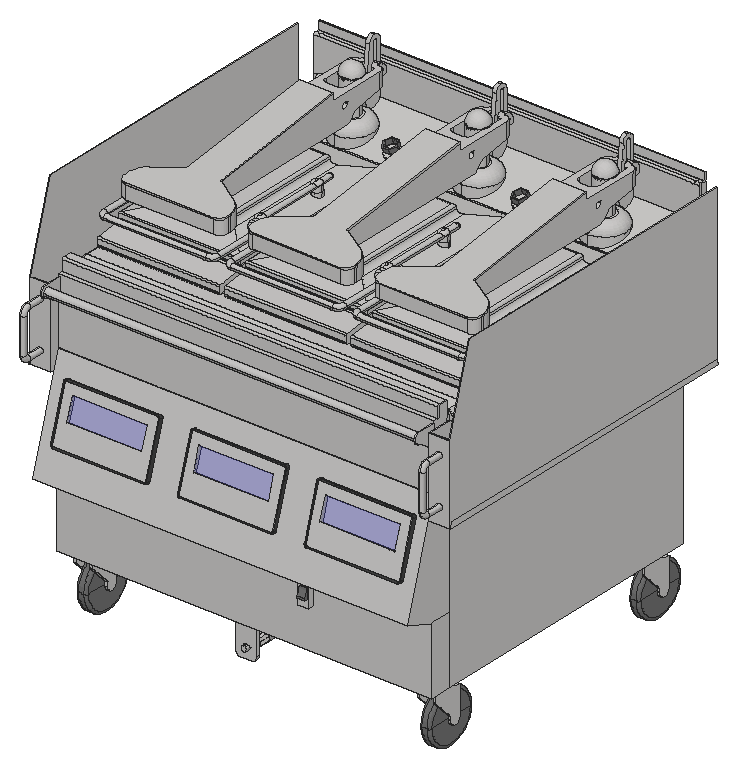
Revit family "QF_Garland_XPE36_cat", category Specialty Equipment, Revit 2014 (continued)
Automatic sketch dimensions
  plane 17 "Right Caster" to curve 52 = 0.04"
  curve 52 to curve 55 = 0.11915"
  plane 17 "Right Caster" to curve 53 = 0.04"
  plane 31 to curve 46 = 2.214"
  curve 46 to curve 53 = 0.75"
  curve 46 to curve 52 = 0.75"
  curve 54 to curve 50 = 0.25"
  curve 37 to plane 31 = 1.667"
  curve 37 to curve 39 = 0.25"
  curve 37 to curve 42 = 0.25"
  curve 38 to curve 44 = 0.5"
  plane 30 to curve 44 = 2.663"
  curve 34 to curve 42 = 0.75"
  curve 34 to curve 39 = 0.75"
  curve 40 to curve 36 = 0.25"
  plane 14 "Back Casters" to curve 59 = 1.27959"
  plane 14 "Back Casters" to curve 58 = 1.27959"
  curve 60 to plane 15 "Front Casters" = 1.27241"
  plane 29 to curve 61 = 0.54858"
  curve 28 to curve 62 = 0.16643"
  curve 58 to plane 33 = 1.56"
  plane 5 "CNTR LR" to curve 58 = 1.56"
  curve 59 to plane 5 "CNTR LR" = 1.56"
  plane 32 to curve 59 = 1.56"
  plane 8 "Inner Body Left" to curve 33 = 0.065"
  Extrusion 36 sketch curve to plane 34 = 0"
  Extrusion 36 sketch curve to plane 34 = 0.721"
  Extrusion 36 sketch curve to Extrusion 36 sketch curve = 0.03"
  Extrusion 36 sketch curve to Extrusion 36 sketch curve = 0"  (x4)
  Extrusion 36 sketch curve to Extrusion 36 sketch curve = 0.07"
  plane 24 to Extrusion 36 sketch curve = 2.38623"
  Extrusion 36 sketch curve to plane 22 "Back of Grease Drawer slope" = 0.03"
  Extrusion 36 sketch curve to plane 22 "Back of Grease Drawer slope" = 0.05293"
  plane 24 to Extrusion 36 sketch curve = 2.30173"
  Extrusion 36 sketch curve to plane 22 "Back of Grease Drawer slope" = 0"
  Extrusion 36 sketch curve to Extrusion 36 sketch curve = 0.1"
  Extrusion 36 sketch curve to plane 1 "BACK" = 0"
  Extrusion 37 sketch curve to Extrusion 37 sketch curve = 0.07"
  Extrusion 37 sketch curve to plane 22 "Back of Grease Drawer slope" = 0.17"
  Extrusion 37 sketch curve to Extrusion 37 sketch curve = 0"
  plane 24 to Extrusion 37 sketch curve = 2.38623"
  Extrusion 37 sketch curve to plane 18 = 0"
  Extrusion 37 sketch curve to plane 34 = 0.921"
  Extrusion 37 sketch curve to plane 22 "Back of Grease Drawer slope" = 0.03"
  Extrusion 37 sketch curve to plane 22 "Back of Grease Drawer slope" = 0.05293"
  Extrusion 37 sketch curve to Extrusion 37 sketch curve = 0.01836"
  Extrusion 37 sketch curve to plane 22 "Back of Grease Drawer slope" = 0"
  Extrusion 37 sketch curve to plane 1 "BACK" = 0"
  radius of Extrusion 1 sketch curve = 0.75"
  radius of Extrusion 2 sketch curve = 0.75"
  radius of Extrusion 3 sketch curve = 0.75"
  radius of Extrusion 4 sketch curve = 0.75"
  radius of Extrusion 19 sketch curve = 0.25"
  radius of Extrusion 26 sketch curve = 0.3419"
  radius of Sweep 32 sketch curve = 0.25"
  radius of Sweep 33 sketch curve = 0.5"
  radius of Extrusion 34 sketch curve to Sweep 33 = 0.25"
  radius of Extrusion 35 sketch curve = 0.3"
  radius of Extrusion 22 sketch curve = 0.75"  (x3)
  radius of Extrusion 23 sketch curve = 0.5"  (x2)
Nested families (in)
  nested 1: "FESCasterLeg-2014" at (3.6285, -4.71, 0), type "FESCasterLeg-2014"
    with Standard Caster Mount yes, Overall Height 6", Optional Caster Mount no, Mount Depth 1.25", Leg Material QF_Stainless-Polished, Leg no, Caster Radius 2.5", Caster Mount Diameter 1.5", Caster yes
  nested 2: "FESCasterLeg-2014" at (36.0345, -4.71, 0), type "FESCasterLeg-2014"
    with Standard Caster Mount yes, Overall Height 6", Optional Caster Mount no, Mount Depth 1.25", Leg Material QF_Stainless-Polished, Leg no, Caster Radius 2.5", Caster Mount Diameter 1.5", Caster yes
  nested 3: "FESCasterLeg-2014" at (3.6285, -29.362, 0), type "FESCasterLeg-2014"
    with Standard Caster Mount yes, Overall Height 6", Optional Caster Mount no, Mount Depth 1.25", Leg Material QF_Stainless-Polished, Leg no, Caster Radius 2.5", Caster Mount Diameter 1.5", Caster yes
  nested 4: "FESCasterLeg-2014" at (36.0345, -29.362, 0), type "FESCasterLeg-2014"
    with Standard Caster Mount yes, Overall Height 6", Optional Caster Mount no, Mount Depth 1.25", Leg Material QF_Stainless-Polished, Leg no, Caster Radius 2.5", Caster Mount Diameter 1.5", Caster yes
  nested 5: "QF_Garland_Grease-Drawer" at (37.663, -0.67, 21.314), visible <- "Grease Drawer", type "QF_Garland_Grease-Drawer"
  nested 6: "QF_Garland_Grease-Drawer" at (-31.13145, -0.67, 21.314) x (-1, 0, 0) z (0, 0, 1), visible <- "Grease Drawer", type "QF_Garland_Grease-Drawer"
  nested 7: "QF_Garland_Clamshell" at (7.8785, -0.97, 29.59766), visible <- "Left Platen", type "QF_Garland_Clamshell"
  nested 8: "QF_Garland_Grease-Drawer-Flared" at (37.663, -0.67, 21.314), visible <- "Grease Drawer Flared", type "QF_Garland_Grease-Drawer-Flared"
  nested 9: "QF_Garland_Grease-Drawer-Flared" at (-31.13145, -0.67, 21.314) x (-1, 0, 0) z (0, 0, 1), visible <- "Grease Drawer Flared", type "QF_Garland_Grease-Drawer-Flared"
  nested 10: "QF_Garland_Clamshell" at (31.7845, -0.97, 29.59766), visible <- "Right Platen", type "QF_Garland_Clamshell"
  nested 11: "QF_Garland_Clamshell" at (19.8315, -0.97, 29.59766), visible <- "Middle Platen", type "QF_Garland_Clamshell"
Connectors (in)
  electrical at (-8.60573, -9.197, 5.75), driven by "Number of Poles", driven by "Volts", driven by "Apparent Power"
    settings: on Extrusion 19, index 1, voltage 0 V, apparent load 0 VA, apparent load phase1 0 VA, apparent load phase2 0 VA, apparent load phase3 0 VA, power factor 1, load classification "Other", number of poles 1, system type 30, power factor state 1, is connector primary yes, connector utility no, sub classification motor no, connector description "Electrical"
  piping at (3.26577, -31.692, 4), diameter 0.75
    settings: on Sweep 32, index 2, connector inside diameter 24", connector length 0", flow factor 0, pipe flow 0 GPM, pressure drop 0.00 psi, fitting loss kfactor 0, connector angle 0.00°, fixture units 0, engagement length 0", angle of deflection 0.00°, flow configuration 1, flow direction 2, fitting loss method 0, system type 22, joint type 0, gender type 0, connector reference index -1, connector utility 0, adjustable connector no, is connector primary yes, connector description "Gas"
Definition of nested family "FESCasterLeg-2014"
  Parameters (values of type "FESCasterLeg-2014")
    Watermarked By = ""
    Standard Caster Mount [instance] = and(Overall Height > 3.98438", Caster)  # yes
    Overall Height [instance] = 6"
    Optional Caster Mount [instance] = and(Overall Height < 3.98438", Caster)  # no
    Mount Depth [instance] = if(Overall Height < 3.98438", 0", 1.25")  # 1.25"
    Leg Material [instance] = QF_Stainless-Polished
    Leg [instance] = no
    Caster Radius [instance] = (Overall Height / 2) - 0.5"  # 2.5"
    Caster Mount Diameter [instance] = 1.5"
    Caster [instance] = yes
  Reference planes (in)
    plane 1 "Center FB": y = 0
    plane 2: z = 0
    plane 3 "Center LR": x = -16.56573
    plane 4 "TOP": z = 6
    plane 5 "Caster Center": z = 2.5
    plane 6 "Caster": y = 1.25
    plane 7 "LEFT": x = -17.44073
    plane 8 "RIGHT": x = -15.69073
    plane 9: z = 5.5
    plane 10: z = 5.25
    plane 11 "45LR": through (-21.90442, -5.33869, 48) normal (-0.7071, 0.7071, 0)
    plane 12 "45RL": through (-10.33166, -6.23407, 48) normal (-0.7071, -0.7071, 0)
  Forms (in)
    Extrusion 1, solid, material "QF_Stainless-Polished", visible <- "Standard Caster Mount"
      sketch origin (-17.44073, 0, 0) x (0, 1, 0) y (0, 0, 1)
        loop
          line (1.75, 2.5) -> (1.75, 5.25) -> (1.25, 5.25) -> (1, 5.5) -> (-1, 5.5) -> (-1, 4.75) -> (0.75, 2.875) -> (0.75, 2.5)
          arc (0.75, 2.5) -> (1.25, 2) -> (1.75, 2.5) r 0.5
      from 0 to 1.75
    Extrusion 2, void
      sketch origin (0, 1.25, 0) x (1, 0, 0) y (0, 0, 1)
        loop
          line (-15.94073, 5.125) -> (-17.19073, 5.125) -> (-17.19073, 1.875) -> (-15.94073, 1.875) -> (-15.94073, 5.125)
      from -0.5 to 2.25
    Revolve 3, solid, material "QF_Rubber-Black", visible <- "Caster"
      sketch origin (0, 0, 2.5) x (0, 1, 0) y (-1, 0, 0)
        loop
          arc (3.75, 16.81573) -> (3.67678, 16.9925) -> (3.5, 17.06573) r 0.25
          line (3.5, 17.06573) -> (1.25, 17.06573) -> (1.25, 16.06573) -> (3.5, 16.06573)
          arc (3.5, 16.06573) -> (3.67678, 16.13895) -> (3.75, 16.31573) r 0.25
          line (3.75, 16.31573) -> (3.75, 16.81573)
        axis (1.25, 16.06573) -> (1.25, 17.06573)
      angle from 0 to 360
    Extrusion 4, solid, material "QF_Stainless-Polished", visible <- "Optional Caster Mount"
      sketch origin (-17.44073, 0, 0) x (0, 1, 0) y (0, 0, 1)
        loop
          line (1.75, 2.5) -> (1.75, 6) -> (0.75, 6) -> (0.75, 2.5)
          arc (0.75, 2.5) -> (1.25, 2) -> (1.75, 2.5) r 0.5
      from 0 to 0.25
    Extrusion 5, solid, material "QF_Stainless-Polished", visible <- "Optional Caster Mount"
      sketch origin (-15.69073, 0, 0) x (0, 1, 0) y (0, 0, 1)
        loop
          line (1.75, 2.5) -> (1.75, 6) -> (0.75, 6) -> (0.75, 2.5)
          arc (0.75, 2.5) -> (1.25, 2) -> (1.75, 2.5) r 0.5
      from 0 to -0.25
    Extrusion 6, solid, material "QF_Stainless-Polished", visible <- "Optional Caster Mount"
      sketch origin (-16.56573, 0, 0) x (0, 1, 0) y (0, 0, 1)
        loop
          line (1.75, 6) -> (0.75, 6) -> (0.75, 5.125) -> (1.75, 5.125) -> (1.75, 6)
      from -0.625 to 0.625
    Extrusion 7, solid, material "QF_Stainless-Polished", visible <- "Standard Caster Mount"
      sketch origin (0, 0, 6) x (0, 1, 0) y (-1, 0, 0)
        loop
          circle (0, 16.56573) r 0.75
      from 0 to -0.5
    Blend 8, solid, material "QF_Stainless-Polished" <- "Leg Material", visible <- "Leg"
      base sketch origin (0, 0, 0) x (1, 0, 0) y (0, 1, 0)
        loop
          circle (-16.56573, 0) r 0.5
      top sketch origin (0, 0, 0) x (1, 0, 0) y (0, 1, 0)
        loop
          circle (-16.56573, 0) r 1
      from 0 to 6
  Cuts and joins
    Extrusion 2 cuts Extrusion 1
  Lines and regions (in)
    symbolic lines, style "QF_Details_Undercounter", visible <- "Caster"
      curve 1: line (-17.06573, -1.25, 0) -> (-17.06573, 3.75, 0)
      curve 2: line (-16.06573, -1.25, 0) -> (-16.06573, 3.75, 0)
  Dimensions and locks (in)
    "Overall Height": plane 4 "TOP" to level
    "Caster Radius": plane 5 "Caster Center" to level
    "Mount Depth": plane 1 "Center FB" to plane 6 "Caster"
    locked: plane 7 "LEFT" to plane 8 "RIGHT" at 1.75
    equal spacing: plane 7 "LEFT", plane 3 "Center LR", plane 8 "RIGHT"
    locked: plane 9 to plane 10 at 0.25
    locked: plane 4 "TOP" to plane 9 at 0.5
    locked: Extrusion 1 sketch curve to plane 6 "Caster" at 0.5
    locked: plane 6 "Caster" to Extrusion 1 sketch curve at 0.5
    locked: plane 6 "Caster" to Extrusion 1 sketch curve at 0.25
    locked: plane 9 to Extrusion 1 sketch curve at 0.75
    locked: Extrusion 1 sketch curve to plane 5 "Caster Center" at 0.375
    locked: plane 6 "Caster" to Extrusion 1 sketch curve at 2.25
    locked: plane 5 "Caster Center" to Extrusion 2 sketch curve at 0.625
    Extrusion 2 sketch curve to plane 3 "Center LR" to Extrusion 2 sketch curve = 0.625" locked, 0.625" locked
    locked: plane 9 to Extrusion 2 sketch curve at 0.375
    "Caster Radius": plane 6 "Caster" to Revolve 3 sketch curve
    Revolve 3 sketch curve to plane 3 "Center LR" to Revolve 3 sketch curve = 0.5" locked, 0.5" locked
    Extrusion 4 sketch curve to plane 6 "Caster" to Extrusion 4 sketch curve = 0.5" locked, 0.5" locked
    locked: Extrusion 4 sketch curve to plane 5 "Caster Center" at 0
    Extrusion 5 sketch curve to plane 6 "Caster" to Extrusion 5 sketch curve = 0.5" locked, 0.5" locked
    Extrusion 6 sketch curve to plane 6 "Caster" to Extrusion 6 sketch curve = 0.5" locked, 0.5" locked
    locked: plane 4 "TOP" to Extrusion 6 sketch curve at 0.875
    "Caster Radius": plane 6 "Caster" to curve 1
    "Caster Radius": plane 6 "Caster" to curve 2
    "Caster Radius": curve 2 to plane 6 "Caster"
    "Caster Radius": curve 1 to plane 6 "Caster"
    "Caster Mount Diameter": diameter of Extrusion 7 sketch curve
    aligned and locked: level to plane 2
    aligned and locked: Extrusion 1 sketch curve to plane 10
    aligned and locked: Extrusion 1 sketch curve to plane 9
    aligned and locked: plane 5 "Caster Center" to Extrusion 1 sketch curve  (x2)
    aligned and locked: plane 8 "RIGHT" to Extrusion 1
    aligned and locked: Extrusion 1 to Extrusion 2  (x2)
    aligned and locked: Revolve 3 sketch curve to plane 6 "Caster"
    aligned and locked: plane 6 "Caster" to Revolve 3 sketch curve
    aligned and locked: plane 4 "TOP" to Extrusion 4 sketch curve
    aligned and locked: plane 4 "TOP" to Extrusion 5 sketch curve
    aligned and locked: Extrusion 6 sketch curve to plane 4 "TOP"
    aligned and locked: Extrusion 7 to plane 9
    aligned and locked: plane 4 "TOP" to Blend 8
  Automatic sketch dimensions
    Extrusion 5 sketch curve to plane 5 "Caster Center" = 0"
    plane 1 "Center FB" to Blend 8 sketch curve = 0"  (x2)
    Blend 8 sketch curve to plane 3 "Center LR" = 0"  (x2)
    Extrusion 1 sketch curve to plane 6 "Caster" = 0"
    plane 7 "LEFT" to curve 1 = 0.375"
    curve 2 to plane 8 "RIGHT" = 0.375"
    Revolve 3 sketch curve to Revolve 3 sketch curve = 0.25"  (x2)
    plane 8 "RIGHT" to Revolve 3 sketch curve = 75.69073"
    Revolve 3 sketch curve to plane 7 "LEFT" = 42.55927"
    plane 1 "Center FB" to Extrusion 7 sketch curve = 0"
    Extrusion 7 sketch curve to plane 3 "Center LR" = 0"
    radius of Blend 8 sketch curve = 0.5"
    radius of Blend 8 sketch curve = 1"
Definition of nested family "QF_Garland_Grease-Drawer"
  Parameters (values of type "QF_Garland_Grease-Drawer")
    Width = 2"
    Watermarked By = ""
    Height = 15"
    Description = ""
    Depth = 31.512"
  Reference planes (in)
    plane 1 "BACK": y = 0
    plane 2: z = 0
    plane 3 "LEFT": x = -16.56573
    plane 4: z = 15
    plane 5 "RIGHT": x = -14.56573
    plane 6 "FRONT": y = -31.512
    plane 7: z = 7.375
    plane 8 "CNTR LR": x = -15.56573
  Forms (in)
    Extrusion 1, solid, material "QF_Stainless-Polished-Brushed"
      sketch origin (-14.56573, 0, 0) x (0, 1, 0) y (0, 0, 1)
        loop
          line (0, 7.375) -> (0, 15) -> (-29.1808, 15) -> (-31.512, 7.375) -> (0, 7.375)
      from 0 to -0.13
    Extrusion 2, solid, material "QF_Stainless-Polished-Brushed"
      sketch origin (-14.56573, 0, 0) x (0, 1, 0) y (0, 0, 1)
        loop
          line (-31.512, 0) -> (0, 0) -> (-0.15287, 0.5) -> (-31.35913, 0.5) -> (-31.512, 0)
      from 0 to 0.06
    Extrusion 3, solid, material "QF_Stainless-Polished-Brushed"
      sketch origin (0, 0, 0) x (1, 0, 0) y (0, 1, 0)
        loop
          line (-16.56573, 0) -> (-16.56573, -31.512) -> (-14.56573, -31.512) -> (-14.56573, 0) -> (-16.56573, 0)
        loop
          line (-16.43573, -0.13) -> (-16.43573, -31.382) -> (-14.69573, -31.382) -> (-14.69573, -0.13) -> (-16.43573, -0.13)
      from 0 to 7.375
    Extrusion 4, solid, material "QF_Stainless-Polished-Brushed"
      sketch origin (0, 0, 0) x (1, 0, 0) y (0, 1, 0)
        loop
          line (-16.43573, -0.13) -> (-16.43573, -31.382) -> (-14.69573, -31.382) -> (-14.69573, -0.13) -> (-16.43573, -0.13)
      from 0 to 0.13
    Sweep 5, solid, material "QF_Stainless-Polished-Brushed"
      path origin (-15.56573, 0, 0) x (0, 1, 0) y (0, 0, 1)
        loop
          line (-31.512, 1.5) -> (-33.012, 1.5)
          arc (-33.012, 1.5) -> (-33.36555, 1.64645) -> (-33.512, 2) r 0.5
          line (-33.512, 2) -> (-33.512, 5.375)
          arc (-33.512, 5.375) -> (-33.36555, 5.72855) -> (-33.012, 5.875) r 0.5
          line (-33.012, 5.875) -> (-31.512, 5.875)
      profile origin (-15.56573, -32.262, 1.5) x (0, 0, -1) y (1, 0, 0)
        loop
          circle (0, 0) r 0.25
  Cuts and joins
    joined: Extrusion 1, Extrusion 3, Extrusion 4
  Lines and regions (in)
    symbolic lines
      curve 1: line (-16.56573, 0, 0) -> (-14.56573, 0, 0)
      curve 2: line (-16.56573, -31.512, 0) -> (-16.56573, 0, 0)
      curve 3: line (-14.56573, -31.512, 0) -> (-16.56573, -31.512, 0)
      curve 4: line (-14.56573, 0, 0) -> (-14.56573, -31.512, 0)
    symbolic lines, style "QF_Details_Surface"
      curve 5: line (-14.69573, 0, 0) -> (-14.69573, -31.512, 0)
      curve 6: line (-15.31573, -31.512, 0) -> (-15.31573, -33.512, 0)
      curve 7: line (-15.81573, -31.512, 0) -> (-15.81573, -33.512, 0)
      curve 8: arc (-15.81573, -33.512, 0) -> (-15.56573, -33.762, 0) -> (-15.31573, -33.512, 0) r 0.25
  Dimensions and locks (in)
    "Height": plane 4 to plane 2
    "Width": plane 3 "LEFT" to plane 5 "RIGHT"
    "Depth": plane 6 "FRONT" to plane 1 "BACK"
    locked: plane 7 to plane 2 at 7.375
    equal spacing: plane 3 "LEFT", plane 8 "CNTR LR", plane 5 "RIGHT"
    aligned and locked: level to plane 2
    aligned and locked: Extrusion 1 sketch curve to plane 1 "BACK"
    aligned and locked: plane 4 to Extrusion 1 sketch curve
    aligned and locked: plane 1 "BACK" to Extrusion 3 sketch curve
    aligned and locked: plane 3 "LEFT" to Extrusion 3 sketch curve
    aligned and locked: Extrusion 3 sketch curve to Extrusion 1  (x2)
    aligned and locked: plane 7 to Extrusion 3
    aligned and locked: Extrusion 4 sketch curve to Extrusion 3  (x4)
    aligned and locked: curve 1 to cut or joined group of Extrusion 1, Extrusion 3, Extrusion 4
    aligned and locked: curve 3 to cut or joined group of Extrusion 1, Extrusion 3, Extrusion 4
    aligned and locked: curve 4 to Extrusion 2
    aligned and locked: curve 5 to cut or joined group of Extrusion 1, Extrusion 3, Extrusion 4
  Automatic sketch dimensions
    Extrusion 1 sketch curve to plane 6 "FRONT" = 0"
    Extrusion 1 sketch curve to plane 7 = 0"
    Extrusion 1 sketch curve to plane 6 "FRONT" = 2.3312"
    Extrusion 2 sketch curve to level = 0"
    Extrusion 2 sketch curve to plane 6 "FRONT" = 0"
    plane 1 "BACK" to Extrusion 2 sketch curve = 0.15287"
    Extrusion 2 sketch curve to plane 1 "BACK" = 0"
    Extrusion 2 sketch curve to plane 6 "FRONT" = 0.15287"
    level to Extrusion 2 sketch curve = 0.5"
    plane 3 "LEFT" to Extrusion 3 sketch curve = 0.13"
    Extrusion 3 sketch curve to plane 5 "RIGHT" = 0.13"
    Extrusion 3 sketch curve to plane 6 "FRONT" = 0.13"
    Extrusion 3 sketch curve to Extrusion 3 sketch curve = 0.13"
    Sweep 5 sketch curve to plane 8 "CNTR LR" = 0"
    Sweep 5 sketch curve to profile plane = 0"
    Sweep 5 sketch curve to plane 6 "FRONT" = 0"  (x2)
    plane 6 "FRONT" to Sweep 5 sketch curve = 1.5"
    Sweep 5 sketch curve to Sweep 5 sketch curve = 0.5"  (x2)
    level to Sweep 5 sketch curve = 1.5"
    Sweep 5 sketch curve to plane 7 = 2"
    curve 8 to plane 8 "CNTR LR" = 0"
    curve 7 to plane 8 "CNTR LR" = 0.25"
    plane 6 "FRONT" to curve 7 = 2"
    curve 3 to plane 3 "LEFT" = 0"
    radius of Sweep 5 sketch curve = 0.25"
Definition of nested family "QF_Garland_Clamshell"
  Parameters (values of type "QF_Garland_Clamshell")
    Width = 11.5"
    Watermarked By = ""
    Description = ""
    Depth = 25.828"
  Reference planes (in)
    plane 1 "BACK": y = 0
    plane 2: z = 0
    plane 3 "CNTR LR": x = -16.56573
    plane 4 "RIGHT": x = -10.81573
    plane 5 "LEFT": x = -22.31573
    plane 6 "FRONT": y = -25.828
    plane 7 "Support left": x = -16.75073
    plane 8: x = -16.38073
    plane 9 "Back of Press": y = -5.828
    plane 10 "Inner Left": x = -20.81573
    plane 11 "Inner Right": x = -12.31573
    plane 12 "Middle Press": z = 1.38
    plane 13 "Top Tube": z = 2.4425
    plane 14 "2": y = -12.49467
    plane 15 "1": y = -19.16133
    plane 16 "Center Tube": z = 2.9425
    plane 17: y = -7.3607
    plane 18 "1c": z = 3.34221
    plane 19 "1b": z = 3.98221
    plane 20 "Inner Left Support": x = -18.12573
    plane 21 "Inner Right Support": x = -15.00573
    plane 22 "1a": x = -21.46573
    plane 23 "2a": x = -11.66573
    plane 24: z = 23.2341
  Forms (in)
    Extrusion 1, solid, material "QF_Stainless-Polished-Brushed"
      sketch origin (-22.31573, 0, 0) x (0, 1, 0) y (0, 0, 1)
        loop
          arc (-25.828, 0.13) -> (-25.78992, 0.03808) -> (-25.698, 0) r 0.13
          line (-25.698, 0) -> (-5.958, 0)
          arc (-5.958, 0) -> (-5.86608, 0.03808) -> (-5.828, 0.13) r 0.13
          line (-5.828, 0.13) -> (-5.828, 1.3) -> (-23.328, 1.3) -> (-23.328, 1.20972)
          arc (-23.328, 1.20972) -> (-23.36085, 1.12333) -> (-23.44281, 1.08061) r 0.13
          line (-23.44281, 1.08061) -> (-25.71319, 0.81351)
          arc (-25.71319, 0.81351) -> (-25.79515, 0.77078) -> (-25.828, 0.6844) r 0.13
          line (-25.828, 0.6844) -> (-25.828, 0.13)
      from 0 to 11.5
    Extrusion 2, solid, material "QF_Stainless-Polished-Brushed"
      sketch origin (-22.31573, 0, 0) x (0, 1, 0) y (0, 0, 1)
        loop
          line (-5.828, 1.3) -> (-5.828, 1.38) -> (-23.328, 1.38) -> (-23.328, 1.3) -> (-5.828, 1.3)
      from 0 to 11.5
    Extrusion 3, solid, material "QF_Stainless-Polished-Brushed"
      sketch origin (0, -5.828, 0) x (1, 0, 0) y (0, 0, 1)
        loop
          line (-10.81573, 1.38) -> (-10.81573, 1.7468)
          arc (-10.81573, 1.7468) -> (-10.84428, 1.82809) -> (-10.91739, 1.87367) r 0.13
          line (-10.91739, 1.87367) -> (-13.55471, 2.46267)
          arc (-13.55471, 2.46267) -> (-13.83591, 2.63799) -> (-13.94573, 2.95065) r 0.5
          line (-13.94573, 2.95065) -> (-13.94573, 3.1)
          arc (-13.94573, 3.1) -> (-14.01895, 3.27678) -> (-14.19573, 3.35) r 0.25
          line (-14.19573, 3.35) -> (-18.93573, 3.35)
          arc (-18.93573, 3.35) -> (-19.1125, 3.27678) -> (-19.18573, 3.1) r 0.25
          line (-19.18573, 3.1) -> (-19.18573, 2.95065)
          arc (-19.18573, 2.95065) -> (-19.29554, 2.63799) -> (-19.57674, 2.46267) r 0.5
          line (-19.57674, 2.46267) -> (-22.21406, 1.87367)
          arc (-22.21406, 1.87367) -> (-22.28717, 1.82809) -> (-22.31573, 1.7468) r 0.13
          line (-22.31573, 1.7468) -> (-22.31573, 1.38) -> (-10.81573, 1.38)
      from 0 to 17.5
    Extrusion 4, void
      sketch origin (-22.31573, 0, 0) x (0, 1, 0) y (0, 0, 1)
        loop
          line (-5.828, 1.7468) -> (-5.828, 3.35) -> (-9.208, 3.35)
          arc (-9.208, 3.35) -> (-9.03122, 3.27678) -> (-8.958, 3.1) r 0.25
          line (-8.958, 3.1) -> (-8.958, 2.95065)
          arc (-8.958, 2.95065) -> (-8.84819, 2.63799) -> (-8.56698, 2.46267) r 0.5
          line (-8.56698, 2.46267) -> (-5.92966, 1.87367)
          arc (-5.92966, 1.87367) -> (-5.85655, 1.82809) -> (-5.828, 1.7468) r 0.13
        loop
          arc (-23.328, 1.7468) -> (-23.29945, 1.82809) -> (-23.22634, 1.87367) r 0.13
          line (-23.22634, 1.87367) -> (-20.58902, 2.46267)
          arc (-20.58902, 2.46267) -> (-20.30781, 2.63799) -> (-20.198, 2.95065) r 0.5
          line (-20.198, 2.95065) -> (-20.198, 3.1)
          arc (-20.198, 3.1) -> (-20.12478, 3.27678) -> (-19.948, 3.35) r 0.25
          line (-19.948, 3.35) -> (-23.328, 3.35) -> (-23.328, 1.7468)
      from 0 to 11.5
    Extrusion 5, solid, material "QF_Stainless-Polished-Brushed"
      sketch origin (0, 0, 1.38) x (-1, 0, 0) y (0, -1, 0)
        loop
          circle (20.81573, 12.49467) r 0.5
        loop
          circle (20.81573, 19.16133) r 0.5
        loop
          circle (12.31573, 12.49467) r 0.5
        loop
          circle (12.31573, 19.16133) r 0.5
        loop
          circle (20.81573, 12.49467) r 0.44
        loop
          circle (20.81573, 19.16133) r 0.44
        loop
          circle (12.31573, 19.16133) r 0.44
        loop
          circle (12.31573, 12.49467) r 0.44
      from 0 to 1.0625
    Extrusion 6, solid, material "QF_Stainless-Polished-Brushed"
      sketch origin (0, 0, 1.38) x (-1, 0, 0) y (0, -1, 0)
        loop
          circle (20.81573, 12.49467) r 0.44
        loop
          circle (20.81573, 19.16133) r 0.44
        loop
          circle (12.31573, 12.49467) r 0.44
        loop
          circle (12.31573, 19.16133) r 0.44
        loop
          circle (20.81573, 19.16133) r 0.38
        loop
          circle (20.81573, 12.49467) r 0.38
        loop
          circle (12.31573, 12.49467) r 0.38
        loop
          circle (12.31573, 19.16133) r 0.38
      from 0 to 1.656
    Revolve 7, solid, material "QF_Stainless-Polished-Brushed"
      sketch origin (-20.81573, 0, 0) x (0, 1, 0) y (0, 0, 1)
        loop
          line (-12.49467, 3.036) -> (-12.05467, 3.036)
          arc (-12.05467, 3.036) -> (-12.12789, 3.21278) -> (-12.30467, 3.286) r 0.25
          line (-12.30467, 3.286) -> (-12.49467, 3.286) -> (-12.49467, 3.036)
        axis (-12.49467, 3.036) -> (-12.49467, 3.286)
      angle from 0 to 360
    Revolve 8, solid, material "QF_Stainless-Polished-Brushed"
      sketch origin (-20.81573, 0, 0) x (0, 1, 0) y (0, 0, 1)
        loop
          line (-19.16133, 3.036) -> (-18.72133, 3.036)
          arc (-18.72133, 3.036) -> (-18.79456, 3.21278) -> (-18.97133, 3.286) r 0.25
          line (-18.97133, 3.286) -> (-19.16133, 3.286) -> (-19.16133, 3.036)
        axis (-19.16133, 3.036) -> (-19.16133, 3.286)
      angle from 0 to 360
    Revolve 9, solid, material "QF_Stainless-Polished-Brushed"
      sketch origin (-12.31573, 0, 0) x (0, 1, 0) y (0, 0, 1)
        loop
          line (-12.49467, 3.036) -> (-12.49467, 3.286) -> (-12.68467, 3.286)
          arc (-12.68467, 3.286) -> (-12.86144, 3.21278) -> (-12.93467, 3.036) r 0.25
          line (-12.93467, 3.036) -> (-12.49467, 3.036)
        axis (-12.49467, 3.036) -> (-12.49467, 3.286)
      angle from 0 to 360
    Revolve 10, solid, material "QF_Stainless-Polished-Brushed"
      sketch origin (-12.31573, 0, 0) x (0, 1, 0) y (0, 0, 1)
        loop
          line (-19.16133, 3.036) -> (-19.16133, 3.286) -> (-19.35133, 3.286)
          arc (-19.35133, 3.286) -> (-19.52811, 3.21278) -> (-19.60133, 3.036) r 0.25
          line (-19.60133, 3.036) -> (-19.16133, 3.036)
        axis (-19.16133, 3.036) -> (-19.16133, 3.286)
      angle from 0 to 360
    Sweep 11, solid, material "QF_Stainless-Polished"
      path origin (0, 0, 2.9425) x (-1, 0, 0) y (0, -1, 0)
        loop
          line (20.81573, 10.99467) -> (20.81573, 20.03756)
          arc (20.81573, 20.03756) -> (20.85379, 20.2289) -> (20.96217, 20.39111) r 0.5
          line (20.96217, 20.39111) -> (21.72994, 21.15888)
          arc (21.72994, 21.15888) -> (21.83833, 21.32109) -> (21.87639, 21.51243) r 0.5
          line (21.87639, 21.51243) -> (21.87639, 25.55533)
          arc (21.87639, 25.55533) -> (21.72994, 25.90888) -> (21.37639, 26.05533) r 0.5
          line (21.37639, 26.05533) -> (11.75507, 26.05533)
          arc (11.75507, 26.05533) -> (11.40151, 25.90888) -> (11.25507, 25.55533) r 0.5
          line (11.25507, 25.55533) -> (11.25507, 21.51243)
          arc (11.25507, 21.51243) -> (11.29313, 21.32109) -> (11.40151, 21.15888) r 0.5
          line (11.40151, 21.15888) -> (12.16928, 20.39111)
          arc (12.16928, 20.39111) -> (12.27767, 20.2289) -> (12.31573, 20.03756) r 0.5
          line (12.31573, 20.03756) -> (12.31573, 10.99467)
      profile origin (-20.81573, -15.51611, 2.9425) x (1, 0, 0) y (0, 0, 1)
        loop
          circle (0, 0) r 0.25
    Revolve 12, solid, material "QF_Stainless-Polished"
      sketch origin (-12.31573, -10.99467, 2.9425) x (0, 0, 1) y (1, 0, 0)
        loop
          arc (0.25, 0) -> (0, 0.25) -> (-0.25, 0) r 0.25
          line (-0.25, 0) -> (0.25, 0)
        axis (0.25, 0) -> (-0.25, 0)
      angle from 0 to 360
    Revolve 13, solid, material "QF_Stainless-Polished"
      sketch origin (-20.81573, -10.99467, 2.9425) x (-1, 0, 0) y (0, 0, 1)
        loop
          line (0, -0.25) -> (0, 0.25)
          arc (0, 0.25) -> (-0.25, 0) -> (0, -0.25) r 0.25
        axis (0, -0.25) -> (0, 0.25)
      angle from 0 to 360
    Extrusion 14, solid, material "QF_Stainless-Polished-Brushed"
      sketch origin (-18.12573, 0, 0) x (0, 1, 0) y (0, 0, 1)
        loop
          arc (-5.65, 3.98221) -> (-5.45866, 4.02027) -> (-5.29645, 4.12866) r 0.5
          line (-5.29645, 4.12866) -> (-4.72847, 4.69664)
          arc (-4.72847, 4.69664) -> (-4.60579, 4.78659) -> (-4.46174, 4.83549) r 0.5
          line (-4.46174, 4.83549) -> (0, 5.62221) -> (0, 5.98221)
          arc (0, 5.98221) -> (-0.21967, 6.51254) -> (-0.75, 6.73221) r 0.75
          line (-0.75, 6.73221) -> (-7, 6.73221)
          arc (-7, 6.73221) -> (-7.17678, 6.80544) -> (-7.25, 6.98221) r 0.25
          line (-7.25, 6.98221) -> (-7.25, 7.33221) -> (-24.5, 5.23221) -> (-24.5, 3.98221) -> (-5.65, 3.98221)
        loop
          circle (-0.56247, 6.12801) r 0.15
        loop
          circle (-5.828, 5.75344) r 0.32822
      from 0 to 3.12
    Extrusion 15, solid, material "QF_Stainless-Polished-Brushed"
      sketch origin (-21.46573, 0, 0) x (0, 1, 0) y (0, 0, 1)
        loop
          line (-24.5, 3.98221) -> (-20.5, 3.98221) -> (-20.5, 5.71917) -> (-24.5, 5.23221) -> (-24.5, 3.98221)
      from 0 to 9.8
    Extrusion 16, void
      sketch origin (0, 0, 3.98221) x (-1, 0, 0) y (0, -1, 0)
        loop
          line (18.12573, 20.5) -> (21.46573, 20.5) -> (21.46573, 23.49185)
          arc (21.46573, 23.49185) -> (21.2382, 22.62896) -> (20.61477, 21.99045) r 1.75
          line (20.61477, 21.99045) -> (18.12573, 20.5)
        loop
          line (15.00573, 20.5) -> (12.51668, 21.99045)
          arc (12.51668, 21.99045) -> (11.89326, 22.62896) -> (11.66573, 23.49185) r 1.75
          line (11.66573, 23.49185) -> (11.66573, 20.5) -> (15.00573, 20.5)
        loop
          line (21.46573, 23.75) -> (21.46573, 24.5) -> (20.71573, 24.5)
          arc (20.71573, 24.5) -> (21.24606, 24.28033) -> (21.46573, 23.75) r 0.75
        loop
          line (12.41573, 24.5) -> (11.66573, 24.5) -> (11.66573, 23.75)
          arc (11.66573, 23.75) -> (11.8854, 24.28033) -> (12.41573, 24.5) r 0.75
      from 0 to 1.96717
    Extrusion 17, void
      sketch origin (0, 0, 3.98221) x (-1, 0, 0) y (0, -1, 0)
        loop
          arc (17.53573, 4.92833) -> (17.38928, 5.28188) -> (17.03573, 5.42833) r 0.5
          line (17.03573, 5.42833) -> (16.09573, 5.42833)
          arc (16.09573, 5.42833) -> (15.74217, 5.28188) -> (15.59573, 4.92833) r 0.5
          line (15.59573, 4.92833) -> (15.59573, 1.71833)
          arc (15.59573, 1.71833) -> (15.62595, 1.63499) -> (15.70257, 1.59041) r 0.13
          arc (15.70257, 1.59041) -> (16.0224, 1.42184) -> (16.18731, 1.10011) r 0.6
          arc (16.18731, 1.10011) -> (16.21978, 1.03383) -> (16.28311, 0.9959) r 0.13
          arc (16.28311, 0.9959) -> (16.35346, 0.94966) -> (16.38073, 0.87) r 0.13
          line (16.38073, 0.87) -> (16.38073, 0) -> (16.75073, 0) -> (16.75073, 0.87)
          arc (16.75073, 0.87) -> (16.77799, 0.94966) -> (16.84834, 0.9959) r 0.13
          arc (16.84834, 0.9959) -> (16.91167, 1.03383) -> (16.94414, 1.10011) r 0.13
          arc (16.94414, 1.10011) -> (17.10905, 1.42184) -> (17.42888, 1.59041) r 0.6
          arc (17.42888, 1.59041) -> (17.5055, 1.63499) -> (17.53573, 1.71833) r 0.13
          line (17.53573, 1.71833) -> (17.53573, 4.92833)
        loop
          arc (17.46078, 1.00044) -> (17.37535, 0.95916) -> (17.34073, 0.87082) r 0.13
          line (17.34073, 0.87082) -> (17.34073, 0) -> (18.12573, 0) -> (18.12573, 1.71833)
          arc (18.12573, 1.71833) -> (17.93395, 1.22907) -> (17.46078, 1.00044) r 0.72
        loop
          arc (15.67067, 1.00044) -> (15.1975, 1.22907) -> (15.00573, 1.71833) r 0.72
          line (15.00573, 1.71833) -> (15.00573, 0) -> (15.79073, 0) -> (15.79073, 0.87082)
          arc (15.79073, 0.87082) -> (15.7561, 0.95916) -> (15.67067, 1.00044) r 0.13
      from 0 to 2.75
    Extrusion 18, solid, material "QF_Stainless-Polished-Brushed"
      sketch origin (-16.75073, 0, 0) x (0, 1, 0) y (0, 0, 1)
        loop
          arc (0, 8.36721) -> (-0.16548, 8.76673) -> (-0.565, 8.93221) r 0.565
          arc (-0.565, 8.93221) -> (-0.96452, 8.76673) -> (-1.13, 8.36721) r 0.565
          line (-1.13, 8.36721) -> (-1.63, 3.68221)
          arc (-1.63, 3.68221) -> (-0.815, 2.86721) -> (0, 3.68221) r 0.815
          line (0, 3.68221) -> (0, 8.36721)
        loop
          arc (-0.30235, 8.37587) -> (-0.37987, 8.56302) -> (-0.56701, 8.64053) r 0.26466
          arc (-0.56701, 8.64053) -> (-0.7414, 8.5683) -> (-0.81363, 8.39391) r 0.24662
          line (-0.81363, 8.39391) -> (-0.81363, 4.26617)
          arc (-0.81363, 4.26617) -> (-0.55799, 4.01053) -> (-0.30235, 4.26617) r 0.25564
          line (-0.30235, 4.26617) -> (-0.30235, 8.37587)
      from 0 to 0.37
    Extrusion 19, solid, material "QF_Stainless-Polished-Brushed"
      sketch origin (-18.12573, 0, 0) x (0, 1, 0) y (0, 0, 1)
        loop
          circle (-0.56247, 6.12801) r 0.12
      from 0.7213 to 2.38842
    Revolve 20, solid, material "QF_Stainless-Polished-Brushed"
      sketch origin (-16.56573, 0, 0) x (0, 1, 0) y (0, 0, 1)
        loop
          line (-3.06, 3.34221) -> (-3.06, 1.38) -> (-1.06, 1.38) -> (-1.06, 2.34221)
          arc (-1.06, 2.34221) -> (-1.35289, 3.04932) -> (-2.06, 3.34221) r 1
          line (-2.06, 3.34221) -> (-3.06, 3.34221)
        axis (-3.06, 3.34221) -> (-3.06, 1.38)
      angle from 0 to 360
    Extrusion 21, solid, material "QF_Stainless-Polished-Brushed"
      sketch origin (0, 0, 3.34221) x (-1, 0, 0) y (0, -1, 0)
        loop
          circle (16.56573, 3.06) r 0.75
      from 0 to 2.73543
    Extrusion 22, solid, material "QF_Stainless-Polished-Brushed"
      sketch origin (0, 0, 3.34221) x (-1, 0, 0) y (0, -1, 0)
        loop
          circle (16.56573, 3.06) r 1
      from 1.42326 to 3.39
    Revolve 23, solid, material "QF_Stainless-Polished-Brushed"
      sketch origin (0, 0, 6.73221) x (-1, 0, 0) y (0, -1, 0)
        loop
          line (16.56573, 4.06) -> (16.56573, 2.06)
          arc (16.56573, 2.06) -> (17.56573, 3.06) -> (16.56573, 4.06) r 1
        axis (16.56573, 4.06) -> (16.56573, 2.06)
      angle from 0 to 360
    Extrusion 24, solid, material "QF_Stainless-Polished-Brushed"
      sketch origin (0, 0, 1.38) x (-1, 0, 0) y (0, -1, 0)
        loop
          circle (16.56573, 3.06) r 2
      from 0 to -0.13
    Extrusion 25, solid, material "QF_Stainless-Polished-Brushed"
      sketch origin (-21.46573, -7.25, 7.33221) x (0, -0.992671, -0.120847) y (1, 0, 0)
        loop
          arc (17.37736, 9.0497) -> (17.15769, 9.58003) -> (16.62736, 9.7997) r 0.75
          line (16.62736, 9.7997) -> (16.3618, 9.7997)
          arc (16.3618, 9.7997) -> (15.49155, 9.57099) -> (14.8462, 8.94395) r 1.77
          line (14.8462, 8.94395) -> (13.34782, 6.46) -> (0, 6.46) -> (0, 3.34) -> (13.34782, 3.34) -> (14.8462, 0.85605)
          arc (14.8462, 0.85605) -> (15.49155, 0.22901) -> (16.3618, 0.0003) r 1.77
          line (16.3618, 0.0003) -> (16.62736, 0.0003)
          arc (16.62736, 0.0003) -> (17.15769, 0.21997) -> (17.37736, 0.7503) r 0.75
          line (17.37736, 0.7503) -> (17.37736, 9.0497)
      from 0 to 0.13
    Extrusion 26, solid, material "QF_Clearance", detail levels coarse+medium
      sketch origin (-22.31573, 0, 0) x (0, 1, 0) y (0, 0, 1)
        loop
          arc (-19.16133, 23.2341) -> (-25.25653, 14.55817) -> (-24.5, 3.98221) r 15.81132
          line (-24.5, 3.98221) -> (-24.5, 5.23221) -> (-24.51571, 5.36126) -> (-7.26571, 7.46126) -> (-7.25, 7.33221) -> (-7.25, 6.98221)
          arc (-7.25, 6.98221) -> (-7.17678, 6.80544) -> (-7, 6.73221) r 0.25
          line (-7, 6.73221) -> (-1.30449, 6.73221) -> (-1.13, 8.36721)
          arc (-1.13, 8.36721) -> (-0.96452, 8.76673) -> (-0.565, 8.93221) r 0.565
          line (-0.565, 8.93221) -> (-19.16133, 23.2341)
      from 0 to 11.5
  Cuts and joins
    Extrusion 4 cuts Extrusion 3
    joined: Extrusion 6, Revolve 7, Revolve 8, Revolve 9, Revolve 10
    joined: Sweep 11, Revolve 12, Revolve 13
    Extrusion 16, Extrusion 17 cuts Extrusion 14
    Extrusion 16, Extrusion 17 cuts Extrusion 15
    joined: Extrusion 14, Extrusion 15
  Lines and regions (in)
    symbolic lines
      curve 1: line (-18.12573, -5.828, 1.38) -> (-22.31573, -5.828, 1.38)
      curve 2: line (-22.31573, -5.828, 1.38) -> (-22.31573, -25.828, 1.38)
      curve 3: line (-22.31573, -25.828, 1.38) -> (-22.06573, -25.828, 1.38)
      curve 4: line (-21.12401, -25.828, 1.38) -> (-12.00744, -25.828, 1.38)
      curve 5: line (-10.81573, -25.828, 1.38) -> (-11.06573, -25.828, 1.38)
      curve 6: line (-10.81573, -25.828, 1.38) -> (-10.81573, -5.828, 1.38)
      curve 7: line (-10.81573, -5.828, 1.38) -> (-15.00573, -5.828, 1.38)
      curve 8: line (-15.00573, -5.828, 1.38) -> (-15.00573, -4.31156, 1.38)
      curve 9: line (-18.12573, -5.828, 1.38) -> (-18.12573, -4.31156, 1.38)
      curve 10: arc (-18.12081, -1.80234, 1.38) -> (-17.96164, -1.26077, 1.38) -> (-17.46078, -1.00044, 1.38) r 0.72
      curve 11: arc (-17.46078, -1.00044, 1.38) -> (-17.37535, -0.95916, 1.38) -> (-17.34073, -0.87082, 1.38) r 0.13
      curve 12: line (-17.34073, 0, 1.38) -> (-17.34073, -0.87082, 1.38)
      curve 13: arc (-15.67067, -1.00044, 1.38) -> (-15.16981, -1.26077, 1.38) -> (-15.01064, -1.80234, 1.38) r 0.72
      curve 14: arc (-15.79073, -0.87082, 1.38) -> (-15.7561, -0.95916, 1.38) -> (-15.67067, -1.00044, 1.38) r 0.13
      curve 15: line (-15.79073, -0.87082, 1.38) -> (-15.79073, 0, 1.38)
      curve 16: line (-17.34073, 0, 1.38) -> (-15.79073, 0, 1.38)
      curve 17: arc (-18.12081, -1.80234, 1.38) -> (-18.56572, -3.05608, 1.38) -> (-18.12573, -4.31156, 1.38) r 2
      curve 18: arc (-15.00573, -4.31156, 1.38) -> (-14.56573, -3.05608, 1.38) -> (-15.01064, -1.80234, 1.38) r 2
    symbolic lines, style "QF_Details_Surface"
      curve 19: arc (-16.94414, -1.10011, 1.38) -> (-17.10905, -1.42184, 1.38) -> (-17.42888, -1.59041, 1.38) r 0.6
      curve 20: arc (-16.84834, -0.9959, 1.38) -> (-16.91167, -1.03383, 1.38) -> (-16.94414, -1.10011, 1.38) r 0.13
      curve 21: arc (-17.42888, -1.59041, 1.38) -> (-17.5055, -1.63499, 1.38) -> (-17.53573, -1.71833, 1.38) r 0.13
      curve 22: line (-17.53573, -4.92833, 1.38) -> (-17.53573, -1.71833, 1.38)
      curve 23: arc (-17.53573, -4.92833, 1.38) -> (-17.38928, -5.28188, 1.38) -> (-17.03573, -5.42833, 1.38) r 0.5
      curve 24: line (-16.09573, -5.42833, 1.38) -> (-17.03573, -5.42833, 1.38)
      curve 25: arc (-16.09573, -5.42833, 1.38) -> (-15.74217, -5.28188, 1.38) -> (-15.59573, -4.92833, 1.38) r 0.5
      curve 26: line (-15.59573, -1.71833, 1.38) -> (-15.59573, -4.92833, 1.38)
      curve 27: arc (-15.59573, -1.71833, 1.38) -> (-15.62595, -1.63499, 1.38) -> (-15.70257, -1.59041, 1.38) r 0.13
      curve 28: arc (-15.70257, -1.59041, 1.38) -> (-16.0224, -1.42184, 1.38) -> (-16.18731, -1.10011, 1.38) r 0.6
      curve 29: arc (-16.18731, -1.10011, 1.38) -> (-16.21978, -1.03383, 1.38) -> (-16.28311, -0.9959, 1.38) r 0.13
      curve 30: arc (-16.28311, -0.9959, 1.38) -> (-16.35346, -0.94966, 1.38) -> (-16.38073, -0.87, 1.38) r 0.13
      curve 31: arc (-16.75073, -0.87, 1.38) -> (-16.77799, -0.94966, 1.38) -> (-16.84834, -0.9959, 1.38) r 0.13
      curve 32: line (-16.75073, -1.63, 1.38) -> (-16.75073, 0, 1.38)
      curve 33: line (-16.75073, -1.63, 1.38) -> (-16.38073, -1.63, 1.38)
      curve 34: line (-16.38073, 0, 1.38) -> (-16.38073, -1.63, 1.38)
      curve 35: arc (-17.56573, -3.06, 1.38) -> (-16.56573, -4.06, 1.38) -> (-15.56573, -3.06, 1.38) r 1
      curve 36: arc (-15.56573, -3.06, 1.38) -> (-16.56573, -2.06, 1.38) -> (-17.56573, -3.06, 1.38) r 1
      curve 37: arc (-21.31573, -12.49467, 1.38) -> (-20.81573, -12.99467, 1.38) -> (-20.31573, -12.49467, 1.38) r 0.5
      curve 38: arc (-20.31573, -12.49467, 1.38) -> (-20.81573, -11.99467, 1.38) -> (-21.31573, -12.49467, 1.38) r 0.5
      curve 39: arc (-20.31573, -19.16133, 1.38) -> (-20.81573, -18.66133, 1.38) -> (-21.31573, -19.16133, 1.38) r 0.5
      curve 40: arc (-21.31573, -19.16133, 1.38) -> (-20.81573, -19.66133, 1.38) -> (-20.31573, -19.16133, 1.38) r 0.5
      curve 41: arc (-12.81573, -19.16133, 1.38) -> (-12.31573, -19.66133, 1.38) -> (-11.81573, -19.16133, 1.38) r 0.5
      curve 42: arc (-11.81573, -19.16133, 1.38) -> (-12.31573, -18.66133, 1.38) -> (-12.81573, -19.16133, 1.38) r 0.5
      curve 43: arc (-12.81573, -12.49467, 1.38) -> (-12.31573, -12.99467, 1.38) -> (-11.81573, -12.49467, 1.38) r 0.5
      curve 44: arc (-11.81573, -12.49467, 1.38) -> (-12.31573, -11.99467, 1.38) -> (-12.81573, -12.49467, 1.38) r 0.5
      curve 45: line (-12.5708, -11.05502, 1.38) -> (-12.5708, -12.06462, 1.38)
      curve 46: line (-12.06065, -11.05502, 1.38) -> (-12.06065, -12.06462, 1.38)
      curve 47: arc (-12.5708, -11.05502, 1.38) -> (-12.31573, -10.79995, 1.38) -> (-12.06065, -11.05502, 1.38) r 0.25507
      curve 48: line (-11.9142, -20.28977, 1.38) -> (-11.12194, -21.08203, 1.38)
      curve 49: line (-12.42435, -20.49364, 1.38) -> (-11.65389, -21.2641, 1.38)
      curve 50: arc (-12.42435, -20.49364, 1.38) -> (-12.53274, -20.33142, 1.38) -> (-12.5708, -20.14008, 1.38) r 0.5
      curve 51: arc (-11.9142, -20.28977, 1.38) -> (-12.02259, -20.12755, 1.38) -> (-12.06065, -19.93621, 1.38) r 0.5
      curve 52: line (-11.50744, -21.61765, 1.38) -> (-11.50744, -25.328, 1.38)
      curve 53: line (-10.97549, -25.46839, 1.38) -> (-10.97549, -21.43558, 1.38)
      curve 54: arc (-10.97549, -21.43558, 1.38) -> (-11.01355, -21.24424, 1.38) -> (-11.12194, -21.08203, 1.38) r 0.5
      curve 55: arc (-11.50744, -21.61765, 1.38) -> (-11.5455, -21.42631, 1.38) -> (-11.65389, -21.2641, 1.38) r 0.5
      curve 56: arc (-12.00744, -25.828, 1.38) -> (-11.65389, -25.68155, 1.38) -> (-11.50744, -25.328, 1.38) r 0.5
      curve 57: line (-16.56573, -26.328, 1.38) -> (-11.8351, -26.328, 1.38)
      curve 58: arc (-11.8351, -26.328, 1.38) -> (-11.22727, -26.07623, 1.38) -> (-10.97549, -25.46839, 1.38) r 0.85961
      curve 59: line (-20.56065, -11.05502, 1.38) -> (-20.56065, -12.06462, 1.38)
      curve 60: line (-21.0708, -11.05502, 1.38) -> (-21.0708, -12.06462, 1.38)
      curve 61: arc (-20.56065, -11.05502, 1.38) -> (-20.81573, -10.79995, 1.38) -> (-21.0708, -11.05502, 1.38) r 0.25507
      curve 62: line (-21.21725, -20.28977, 1.38) -> (-22.00951, -21.08203, 1.38)
      curve 63: line (-20.7071, -20.49364, 1.38) -> (-21.47756, -21.2641, 1.38)
      curve 64: arc (-20.7071, -20.49364, 1.38) -> (-20.59871, -20.33142, 1.38) -> (-20.56065, -20.14008, 1.38) r 0.5
      curve 65: arc (-21.21725, -20.28977, 1.38) -> (-21.10886, -20.12755, 1.38) -> (-21.0708, -19.93621, 1.38) r 0.5
      curve 66: line (-21.62401, -21.61765, 1.38) -> (-21.62401, -25.328, 1.38)
      curve 67: line (-22.15596, -25.46839, 1.38) -> (-22.15596, -21.43558, 1.38)
      curve 68: arc (-22.15596, -21.43558, 1.38) -> (-22.1179, -21.24424, 1.38) -> (-22.00951, -21.08203, 1.38) r 0.5
      curve 69: arc (-21.62401, -21.61765, 1.38) -> (-21.58595, -21.42631, 1.38) -> (-21.47756, -21.2641, 1.38) r 0.5
      curve 70: line (-16.56573, -26.328, 1.38) -> (-21.29635, -26.328, 1.38)
      curve 71: arc (-21.29635, -26.328, 1.38) -> (-21.90418, -26.07623, 1.38) -> (-22.15596, -25.46839, 1.38) r 0.85961
      curve 72: line (-20.56065, -12.92471, 1.38) -> (-20.56065, -18.73129, 1.38)
      curve 73: line (-21.0708, -12.92471, 1.38) -> (-21.0708, -18.73129, 1.38)
      curve 74: line (-21.0708, -19.59138, 1.38) -> (-21.0708, -19.93621, 1.38)
      curve 75: line (-20.56065, -19.56847, 1.38) -> (-20.56065, -20.14008, 1.38)
      curve 76: arc (-21.12401, -25.828, 1.38) -> (-21.47756, -25.68155, 1.38) -> (-21.62401, -25.328, 1.38) r 0.5
      curve 77: line (-12.5708, -12.92471, 1.38) -> (-12.5708, -18.73129, 1.38)
      curve 78: line (-12.06065, -12.89916, 1.38) -> (-12.06065, -18.73129, 1.38)
      curve 79: line (-12.5708, -19.59138, 1.38) -> (-12.5708, -20.14008, 1.38)
      curve 80: line (-12.06065, -19.59138, 1.38) -> (-12.06065, -19.93621, 1.38)
      curve 81: line (-18.12573, -20.5, 1.38) -> (-18.12573, -5.828, 1.38)
      curve 82: line (-15.00573, -5.828, 1.38) -> (-15.00573, -20.5, 1.38)
      curve 83: line (-12.51818, -21.99784, 1.38) -> (-15.00573, -20.5, 1.38)
      curve 84: arc (-12.51818, -21.99784, 1.38) -> (-11.89165, -22.63815, 1.38) -> (-11.66293, -23.50431, 1.38) r 1.75439
      curve 85: line (-11.66293, -23.50431, 1.38) -> (-11.66293, -23.77121, 1.38)
      curve 86: arc (-11.66573, -23.75, 1.38) -> (-11.8854, -24.28033, 1.38) -> (-12.41573, -24.5, 1.38) r 0.75
      curve 87: line (-12.41573, -24.5, 1.38) -> (-20.71573, -24.5, 1.38)
      curve 88: arc (-20.71573, -24.5, 1.38) -> (-21.24606, -24.28033, 1.38) -> (-21.46573, -23.75, 1.38) r 0.75
      curve 89: line (-21.46543, -23.77121, 1.38) -> (-21.46543, -23.52416, 1.38)
      curve 90: arc (-21.46543, -23.52416, 1.38) -> (-21.2461, -22.64305, 1.38) -> (-20.61477, -21.99045, 1.38) r 1.75
      curve 91: line (-18.12573, -20.5, 1.38) -> (-20.61477, -21.99045, 1.38)
      curve 92: line (-18.12573, -7.25, 1.38) -> (-15.00573, -7.25, 1.38)
  Dimensions and locks (in)
    equal spacing: plane 5 "LEFT", plane 3 "CNTR LR", plane 4 "RIGHT"
    "Width": plane 5 "LEFT" to plane 4 "RIGHT"
    "Depth": plane 6 "FRONT" to plane 1 "BACK"
    equal spacing: plane 7 "Support left", plane 3 "CNTR LR", plane 8
    plane 6 "FRONT" to plane 9 "Back of Press" = 20"
    locked: plane 5 "LEFT" to plane 10 "Inner Left" at 1.5
    locked: plane 11 "Inner Right" to plane 4 "RIGHT" at 1.5
    locked: level to plane 12 "Middle Press" at 1.38
    plane 12 "Middle Press" to plane 13 "Top Tube" = 1.0625"
    equal spacing: plane 6 "FRONT", plane 15 "1", plane 14 "2", plane 9 "Back of Press"
    locked: plane 16 "Center Tube" to plane 18 "1c" at 0.39971
    locked: plane 18 "1c" to plane 19 "1b" at 0.64
    equal spacing: plane 20 "Inner Left Support", plane 3 "CNTR LR", plane 21 "Inner Right Support"
    equal spacing: plane 22 "1a", plane 3 "CNTR LR", plane 23 "2a"
    plane 24 to plane 2 = 23.2341"
    aligned and locked: level to plane 2
    aligned and locked: Extrusion 1 sketch curve to plane 9 "Back of Press"
    aligned and locked: plane 6 "FRONT" to Extrusion 1 sketch curve
    aligned and locked: plane 4 "RIGHT" to Extrusion 1
    aligned and locked: plane 4 "RIGHT" to Extrusion 2
    aligned and locked: plane 4 "RIGHT" to Extrusion 4
    aligned and locked: Extrusion 5 to plane 13 "Top Tube"
    aligned and locked: plane 21 "Inner Right Support" to Extrusion 14
    aligned and locked: plane 23 "2a" to Extrusion 15
    aligned and locked: plane 8 to Extrusion 18
    aligned and locked: plane 4 "RIGHT" to Extrusion 26
  Automatic sketch dimensions
    Extrusion 1 sketch curve to level = 0"
    Extrusion 1 sketch curve to plane 6 "FRONT" = 0.11481"
    Extrusion 1 sketch curve to plane 6 "FRONT" = 0.13"  (x2)
    Extrusion 1 sketch curve to Extrusion 1 sketch curve = 2.25519"
    Extrusion 1 sketch curve to Extrusion 1 sketch curve = 0.13"
    plane 9 "Back of Press" to Extrusion 1 sketch curve = 0.13"
    Extrusion 1 sketch curve to Extrusion 1 sketch curve = 0.5544"
    Extrusion 1 sketch curve to Extrusion 1 sketch curve = 1.17"
    level to Extrusion 1 sketch curve = 1.08061"
    Extrusion 1 sketch curve to Extrusion 1 sketch curve = 0.01519"
    Extrusion 2 sketch curve to plane 9 "Back of Press" = 0"
    level to Extrusion 2 sketch curve = 1.3"
    Extrusion 2 sketch curve to plane 6 "FRONT" = 2.5"
    Extrusion 2 sketch curve to Extrusion 2 sketch curve = 0.08"
    Extrusion 4 sketch curve to plane 9 "Back of Press" = 0"
    plane 9 "Back of Press" to Extrusion 4 sketch curve = 0.10166"
    Extrusion 4 sketch curve to Extrusion 4 sketch curve = 0.13"
    plane 9 "Back of Press" to Extrusion 4 sketch curve = 2.63"
    Extrusion 4 sketch curve to Extrusion 4 sketch curve = 0.10898"
    Extrusion 4 sketch curve to Extrusion 4 sketch curve = 0.5"  (x2)
    Extrusion 4 sketch curve to Extrusion 4 sketch curve = 0.25"  (x2)
    Extrusion 4 sketch curve to Extrusion 4 sketch curve = 0.39102"
    Extrusion 4 sketch curve to plane 6 "FRONT" = 2.63"
    Extrusion 4 sketch curve to Extrusion 4 sketch curve = 0.02834"
    level to Extrusion 4 sketch curve = 1.87367"  (x2)
    level to Extrusion 4 sketch curve = 2.46267"
    Extrusion 4 sketch curve to Extrusion 4 sketch curve = 0.14935"  (x2)
    Extrusion 4 sketch curve to Extrusion 4 sketch curve = 2.63"
    Extrusion 4 sketch curve to Extrusion 4 sketch curve = 1.6032"
    Extrusion 4 sketch curve to Extrusion 4 sketch curve = 0.12687"
    Extrusion 4 sketch curve to Extrusion 4 sketch curve = 0"
    Extrusion 4 sketch curve to Extrusion 4 sketch curve = 0.10166"
    Extrusion 5 sketch curve to plane 11 "Inner Right" = 0"  (x2)
    Extrusion 5 sketch curve to plane 10 "Inner Left" = 0"  (x2)
    plane 14 "2" to Extrusion 5 sketch curve = 0"  (x2)
    plane 15 "1" to Extrusion 5 sketch curve = 0"  (x2)
    Extrusion 5 sketch curve to Extrusion 5 sketch curve = 0"  (x8)
    Extrusion 6 sketch curve to plane 11 "Inner Right" = 0"  (x2)
    Extrusion 6 sketch curve to plane 10 "Inner Left" = 0"  (x2)
    plane 14 "2" to Extrusion 6 sketch curve = 0"  (x2)
    plane 15 "1" to Extrusion 6 sketch curve = 0"  (x2)
    Extrusion 6 sketch curve to Extrusion 6 sketch curve = 0"  (x8)
    Sweep 11 sketch curve to plane 11 "Inner Right" = 0"
    Sweep 11 sketch curve to plane 10 "Inner Left" = 0"
    plane 11 "Inner Right" to Sweep 11 sketch curve = 0.14645"
    plane 11 "Inner Right" to Sweep 11 sketch curve = 0.5"
    plane 11 "Inner Right" to Sweep 11 sketch curve = 0.56066"  (x2)
    plane 6 "FRONT" to Sweep 11 sketch curve = 0.22733"
    Sweep 11 sketch curve to Sweep 11 sketch curve = 0.35355"  (x3)
    Sweep 11 sketch curve to Sweep 11 sketch curve = 0.14645"  (x2)
    Sweep 11 sketch curve to plane 10 "Inner Left" = 0.14645"
    Sweep 11 sketch curve to plane 10 "Inner Left" = 0.56066"  (x2)
    plane 15 "1" to Sweep 11 sketch curve = 2.3511"  (x2)
    Sweep 11 sketch curve to Sweep 11 sketch curve = 0.76777"  (x2)
    Sweep 11 sketch curve to plane 14 "2" = 1.5"  (x2)
    Sweep 11 sketch curve to plane 16 "Center Tube" = 0"
    profile plane to Sweep 11 sketch curve = 0"
    Revolve 12 sketch curve to Revolve 12 sketch curve = 0"  (x3)
    Revolve 13 sketch curve to Revolve 13 sketch curve = 0"  (x3)
    plane 19 "1b" to Extrusion 14 sketch curve = 0"
    Extrusion 14 sketch curve to plane 9 "Back of Press" = 0"
    Extrusion 14 sketch curve to plane 1 "BACK" = 0"
    Extrusion 14 sketch curve to plane 17 = 0.3607"
    Extrusion 14 sketch curve to plane 17 = 0.1107"
    Extrusion 14 sketch curve to plane 6 "FRONT" = 1.328"
    Extrusion 14 sketch curve to plane 9 "Back of Press" = 0.178"
    Extrusion 14 sketch curve to plane 19 "1b" = 0.14645"
    Extrusion 14 sketch curve to Extrusion 14 sketch curve = 0.35355"  (x3)
    Extrusion 14 sketch curve to Extrusion 14 sketch curve = 0.56798"
    Extrusion 14 sketch curve to Extrusion 14 sketch curve = 0.26673"
    plane 1 "BACK" to Extrusion 14 sketch curve = 0.75"
    Extrusion 14 sketch curve to Extrusion 14 sketch curve = 0.18753"
    Extrusion 14 sketch curve to plane 19 "1b" = 0.36087"
    Extrusion 14 sketch curve to plane 19 "1b" = 1.25"
    Extrusion 14 sketch curve to plane 19 "1b" = 1.64"
    Extrusion 14 sketch curve to Extrusion 14 sketch curve = 1.27123"
    Extrusion 14 sketch curve to Extrusion 14 sketch curve = 0.36"
    Extrusion 14 sketch curve to Extrusion 14 sketch curve = 0.1458"
    Extrusion 14 sketch curve to Extrusion 14 sketch curve = 0.35"
    Extrusion 15 sketch curve to plane 6 "FRONT" = 1.328"
    Extrusion 15 sketch curve to plane 19 "1b" = 1.25"
    Extrusion 15 sketch curve to Extrusion 15 sketch curve = 4"
    Extrusion 15 sketch curve to Extrusion 15 sketch curve = 0.48696"
    plane 19 "1b" to Extrusion 15 sketch curve = 0"
    Extrusion 18 sketch curve to plane 1 "BACK" = 0"
    plane 1 "BACK" to Extrusion 18 sketch curve = 0.30235"
    Extrusion 18 sketch curve to Extrusion 18 sketch curve = 0.00201"
    Extrusion 18 sketch curve to Extrusion 18 sketch curve = 0.24662"
    Extrusion 18 sketch curve to Extrusion 18 sketch curve = 0.00137"
    plane 19 "1b" to Extrusion 18 sketch curve = 0.3"
    Extrusion 18 sketch curve to Extrusion 18 sketch curve = 4.10104"
    Extrusion 18 sketch curve to Extrusion 18 sketch curve = 0.00866"
    Extrusion 18 sketch curve to plane 19 "1b" = 0.28396"
    Extrusion 18 sketch curve to Extrusion 18 sketch curve = 0"
    Extrusion 18 sketch curve to Extrusion 18 sketch curve = 0.25564"
    Extrusion 18 sketch curve to Extrusion 18 sketch curve = 0.01804"
    plane 1 "BACK" to Extrusion 19 sketch curve = 0.56247"
    Extrusion 19 sketch curve to plane 19 "1b" = 2.1458"
    Extrusion 21 sketch curve to plane 3 "CNTR LR" = 0"
    Extrusion 21 sketch curve to plane 9 "Back of Press" = 2.768"
    Extrusion 22 sketch curve to plane 3 "CNTR LR" = 0"
    Extrusion 22 sketch curve to plane 9 "Back of Press" = 2.768"
    Revolve 23 sketch curve to Revolve 23 sketch curve = 0"  (x3)
    Extrusion 24 sketch curve to Extrusion 24 sketch curve = 0"  (x2)
    Extrusion 24 sketch curve to plane 3 "CNTR LR" = 0"
    Extrusion 24 sketch curve to plane 9 "Back of Press" = 2.768"
    plane 1 "BACK" to Extrusion 24 sketch curve = 1.06"
    Revolve 7 sketch curve to plane 14 "2" = 0"  (x2)
    plane 18 "1c" to Revolve 7 sketch curve = 0.05621"
    Revolve 7 sketch curve to Revolve 7 sketch curve = 0.19"
    Revolve 7 sketch curve to plane 16 "Center Tube" = 0.0935"
    Revolve 7 sketch curve to Revolve 7 sketch curve = 0"  (x2)
    Revolve 8 sketch curve to plane 15 "1" = 0"  (x2)
    plane 18 "1c" to Revolve 8 sketch curve = 0.05621"
    Revolve 8 sketch curve to Revolve 8 sketch curve = 0.19"
    Revolve 8 sketch curve to plane 16 "Center Tube" = 0.0935"
    Revolve 8 sketch curve to Revolve 8 sketch curve = 0"  (x2)
    Revolve 9 sketch curve to plane 14 "2" = 0"  (x2)
    plane 18 "1c" to Revolve 9 sketch curve = 0.05621"
    Revolve 9 sketch curve to Revolve 9 sketch curve = 0.19"
    Revolve 9 sketch curve to plane 16 "Center Tube" = 0.0935"
    Revolve 9 sketch curve to Revolve 9 sketch curve = 0"  (x2)
    Revolve 10 sketch curve to plane 15 "1" = 0"  (x2)
    plane 18 "1c" to Revolve 10 sketch curve = 0.05621"
    plane 15 "1" to Revolve 10 sketch curve = 0.19"
    Revolve 10 sketch curve to plane 16 "Center Tube" = 0.0935"
    Revolve 10 sketch curve to Revolve 10 sketch curve = 0"  (x2)
    Extrusion 3 sketch curve to plane 5 "LEFT" = 0"
    Extrusion 3 sketch curve to plane 4 "RIGHT" = 0"
    Extrusion 3 sketch curve to plane 12 "Middle Press" = 0"
    plane 5 "LEFT" to Extrusion 3 sketch curve = 0.10166"
    plane 5 "LEFT" to Extrusion 3 sketch curve = 0.13"
    Extrusion 3 sketch curve to plane 16 "Center Tube" = 0.00815"  (x2)
    plane 10 "Inner Left" to Extrusion 3 sketch curve = 1.13"
    Extrusion 3 sketch curve to plane 13 "Top Tube" = 0.02017"  (x2)
    Extrusion 3 sketch curve to Extrusion 3 sketch curve = 0.10898"
    Extrusion 3 sketch curve to plane 16 "Center Tube" = 0.1575"  (x2)
    Extrusion 3 sketch curve to Extrusion 3 sketch curve = 0.25"
